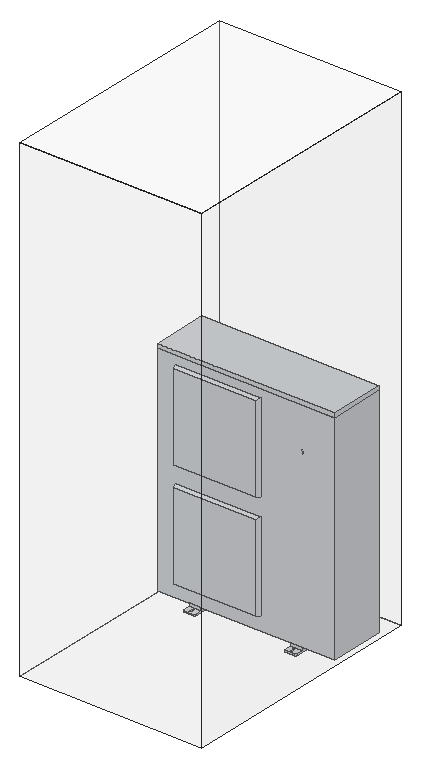
Revit family "pumy-frp80_280hm_60hz", category 機械設備, Revit 2019 (continued)
Definition of nested family "pumy3"
  Dimensions and locks
    aligned and locked: Blend 4 sketch curve to plane 41
    aligned and locked: Blend 4 sketch curve to plane 40
    aligned and locked: Blend 4 sketch curve to plane 46
    aligned and locked: Blend 4 sketch curve to plane 44
    aligned and locked: Blend 4 sketch curve to plane 45
    aligned and locked: Blend 4 sketch curve to plane 47
    aligned and locked: Blend 4 to plane 8
    aligned and locked: plane 37 to Blend 4
    aligned and locked: curve 17 to plane 48
    aligned and locked: curve 1 to plane 48
    aligned and locked: plane 48 to curve 19
    aligned and locked: curve 18 to plane 49
    aligned and locked: plane 49 to curve 2
    aligned and locked: plane 49 to curve 20
    aligned and locked: Blend 5 sketch curve to plane 63
    aligned and locked: Blend 5 sketch curve to plane 64
    aligned and locked: Blend 5 sketch curve to plane 41
    aligned and locked: Blend 5 sketch curve to plane 40
    aligned and locked: plane 44 to Blend 5 sketch curve
    aligned and locked: Blend 5 sketch curve to plane 45
    aligned and locked: Blend 5 sketch curve to plane 65
    aligned and locked: plane 66 to Blend 5 sketch curve
    aligned and locked: Blend 5 to plane 8
    aligned and locked: plane 37 to Blend 5
    aligned and locked: plane 22 to Extrusion 6 sketch curve
    aligned and locked: plane 21 to Extrusion 6 sketch curve
    aligned and locked: Extrusion 6 sketch curve to Extrusion 1  (x4)
    aligned and locked: Extrusion 6 sketch curve to plane 20
    aligned and locked: plane 23 to Extrusion 6
    aligned and locked: Extrusion 6 to level
    aligned and locked: plane 24 to Extrusion 7
    aligned and locked: Extrusion 7 to plane 25
    aligned and locked: Masking region 1 sketch curve to Extrusion 3  (x4)
    aligned and locked: Masking region 1 sketch curve to cut or joined group of Extrusion 1, Extrusion 6  (x8)
    aligned and locked: Masking region 1 sketch curve to Blend 5  (x3)
    aligned and locked: plane 50 to Extrusion 7 sketch curve
    aligned and locked: plane 51 to Extrusion 7 sketch curve
    aligned and locked: plane 68 to Extrusion 7 sketch curve
    aligned and locked: plane 69 to Extrusion 7 sketch curve
    aligned and locked: plane 70 to Extrusion 7 sketch curve
    aligned and locked: plane 71 to Extrusion 7 sketch curve
    aligned and locked: plane 67 to Extrusion 7 sketch curve  (x4)
  Automatic sketch dimensions
    plane 7 to Extrusion 1 sketch curve = 0 mm  (x2)
    Extrusion 1 sketch curve to plane 18 = 0 mm
    plane 8 to Extrusion 1 sketch curve = 0 mm  (x2)
    Extrusion 1 sketch curve to plane 19 = 0 mm
    Extrusion 1 sketch curve to plane 20 = 0 mm
    Extrusion 1 sketch curve to plane 21 = 0 mm
    curve 187 to curve 188 = 40 mm
    curve 186 to curve 190 = 13.333 mm
    curve 190 to curve 190 = 40 mm
    curve 186 to curve 193 = 0 mm
    curve 186 to curve 188 = 40 mm
    curve 188 to curve 191 = 0 mm
    curve 179 to curve 180 = 40 mm
    curve 178 to curve 182 = 120 mm
    curve 182 to curve 182 = 40 mm
    curve 178 to curve 185 = 0 mm
    curve 178 to curve 180 = 40 mm
    curve 182 to curve 183 = 40 mm
    curve 25 to plane 44 = 0 mm
    curve 24 to plane 44 = 0 mm
    curve 22 to plane 44 = 0 mm
    curve 23 to plane 44 = 0 mm
    curve 26 to plane 44 = 0 mm
    curve 21 to plane 44 = 0 mm
    curve 24 to plane 45 = 0 mm
    curve 25 to plane 45 = 0 mm
    curve 26 to plane 45 = 0 mm
    curve 23 to plane 45 = 0 mm
    curve 22 to plane 45 = 0 mm
    curve 21 to plane 45 = 0 mm
    curve 37 to plane 47 = 0 mm
    curve 52 to plane 47 = 0 mm
    curve 51 to plane 47 = 0 mm
    curve 50 to plane 47 = 0 mm
    curve 49 to plane 47 = 0 mm
    curve 48 to plane 47 = 0 mm
    curve 47 to plane 47 = 0 mm
    curve 46 to plane 47 = 0 mm
    curve 45 to plane 47 = 0 mm
    curve 44 to plane 47 = 0 mm
    curve 43 to plane 47 = 0 mm
    curve 42 to plane 47 = 0 mm
    curve 41 to plane 47 = 0 mm
    curve 27 to plane 47 = 0 mm
    curve 28 to plane 47 = 0 mm
    curve 40 to plane 47 = 0 mm
    curve 39 to plane 47 = 0 mm
    curve 29 to plane 47 = 0 mm
    curve 38 to plane 47 = 0 mm
    curve 30 to plane 47 = 0 mm
    curve 53 to plane 47 = 0 mm
    curve 31 to plane 47 = 0 mm
    curve 36 to plane 47 = 0 mm
    curve 32 to plane 47 = 0 mm
    curve 35 to plane 47 = 0 mm
    curve 33 to plane 47 = 0 mm
    curve 34 to plane 47 = 0 mm
    curve 28 to plane 46 = 0 mm
    curve 41 to plane 46 = 0 mm
    curve 27 to plane 46 = 0 mm
    curve 42 to plane 46 = 0 mm
    curve 31 to plane 46 = 0 mm
    curve 40 to plane 46 = 0 mm
    curve 37 to plane 46 = 0 mm
    curve 39 to plane 46 = 0 mm
    curve 32 to plane 46 = 0 mm
    curve 45 to plane 46 = 0 mm
    curve 36 to plane 46 = 0 mm
    curve 46 to plane 46 = 0 mm
    curve 43 to plane 46 = 0 mm
    curve 47 to plane 46 = 0 mm
    curve 29 to plane 46 = 0 mm
    curve 48 to plane 46 = 0 mm
    curve 30 to plane 46 = 0 mm
    curve 49 to plane 46 = 0 mm
    curve 44 to plane 46 = 0 mm
    curve 50 to plane 46 = 0 mm
    curve 33 to plane 46 = 0 mm
    curve 51 to plane 46 = 0 mm
    curve 35 to plane 46 = 0 mm
    curve 52 to plane 46 = 0 mm
    curve 38 to plane 46 = 0 mm
    curve 53 to plane 46 = 0 mm
    curve 34 to plane 46 = 0 mm
    plane 13 to curve 304 = 138 mm
    curve 304 to plane 45 = 0 mm
    curve 307 to plane 44 = 0 mm
    curve 306 to plane 44 = 0 mm
    curve 303 to plane 44 = 0 mm
    curve 308 to plane 44 = 0 mm
    curve 303 to plane 45 = 0 mm
    curve 306 to plane 45 = 0 mm
    curve 307 to plane 45 = 0 mm
    curve 308 to plane 45 = 0 mm
    curve 309 to plane 44 = 0 mm
    curve 309 to plane 45 = 0 mm
    curve 305 to plane 66 = 0 mm
    curve 305 to plane 65 = 0 mm
    curve 310 to plane 66 = 0 mm
    curve 310 to plane 65 = 0 mm
    curve 311 to plane 65 = 0 mm
    curve 311 to plane 66 = 0 mm
    curve 312 to plane 66 = 0 mm
    curve 312 to plane 65 = 0 mm
    curve 313 to plane 66 = 0 mm
    curve 313 to plane 65 = 0 mm
    curve 314 to plane 65 = 0 mm
    curve 314 to plane 66 = 0 mm
    curve 315 to plane 66 = 0 mm
    curve 315 to plane 65 = 0 mm
    curve 316 to plane 65 = 0 mm
    curve 316 to plane 66 = 0 mm
    curve 317 to plane 66 = 0 mm
    curve 317 to plane 65 = 0 mm
    curve 318 to plane 66 = 0 mm
    curve 318 to plane 65 = 0 mm
    curve 319 to plane 66 = 0 mm
    curve 319 to plane 65 = 0 mm
    curve 320 to plane 66 = 0 mm
    curve 320 to plane 65 = 0 mm
    curve 321 to plane 66 = 0 mm
    curve 321 to plane 65 = 0 mm
    curve 322 to plane 65 = 0 mm
    curve 322 to plane 66 = 0 mm
    curve 323 to plane 65 = 0 mm
    curve 323 to plane 66 = 0 mm
    curve 324 to plane 65 = 0 mm
    curve 324 to plane 66 = 0 mm
    curve 325 to plane 66 = 0 mm
    curve 325 to plane 65 = 0 mm
    curve 326 to plane 66 = 0 mm
    curve 326 to plane 65 = 0 mm
    curve 327 to plane 66 = 0 mm
    curve 327 to plane 65 = 0 mm
    curve 328 to plane 66 = 0 mm
    curve 328 to plane 65 = 0 mm
    curve 329 to plane 66 = 0 mm
    curve 329 to plane 65 = 0 mm
    curve 330 to plane 66 = 0 mm
    curve 330 to plane 65 = 0 mm
    curve 331 to plane 66 = 0 mm
    curve 331 to plane 65 = 0 mm
    curve 332 to plane 65 = 0 mm
    curve 332 to plane 66 = 0 mm
    curve 333 to plane 66 = 0 mm
    curve 333 to plane 65 = 0 mm
    curve 334 to plane 65 = 0 mm
    curve 334 to plane 66 = 0 mm
    curve 335 to plane 66 = 0 mm
    curve 335 to plane 65 = 0 mm
    Extrusion 6 sketch curve to plane 18 = 0 mm  (x2)
    plane 8 to Extrusion 6 sketch curve = 0 mm
    plane 22 to Extrusion 6 sketch curve = 0 mm  (x3)
    plane 16 to Extrusion 6 sketch curve = 0 mm  (x3)
    plane 17 to Extrusion 6 sketch curve = 0 mm  (x3)
    Extrusion 6 sketch curve to plane 15 = 0 mm  (x2)
    Extrusion 6 sketch curve to plane 19 = 0 mm  (x2)
    Extrusion 6 sketch curve to plane 14 = 0 mm  (x2)
    plane 7 to Extrusion 6 sketch curve = 0 mm
    Extrusion 6 sketch curve to plane 18 = 5 mm
    plane 15 to Extrusion 6 sketch curve = 6 mm  (x2)
    plane 19 to Extrusion 6 sketch curve = 5 mm
    Extrusion 6 sketch curve to plane 20 = 5 mm
    plane 14 to Extrusion 6 sketch curve = 6 mm  (x2)
    plane 21 to Extrusion 6 sketch curve = 5 mm
    plane 37 to Extrusion 6 sketch curve = 10 mm  (x2)
    plane 19 to Masking region 1 sketch curve = 0 mm
    plane 21 to Masking region 1 sketch curve = 0 mm
    plane 7 to Masking region 1 sketch curve = 0 mm  (x2)
    Masking region 1 sketch curve to plane 20 = 0 mm
    Masking region 1 sketch curve to plane 18 = 0 mm
    plane 8 to Masking region 1 sketch curve = 0 mm  (x2)
    plane 37 to Masking region 1 sketch curve = 0 mm
    curve 352 to plane 6 = 0 mm
    plane 7 to curve 352 = 0 mm
    curve 353 to plane 18 = 0 mm
    curve 348 to plane 18 = 0 mm
    plane 8 to curve 346 = 0 mm
    curve 354 to plane 19 = 0 mm
    curve 347 to plane 19 = 0 mm
    curve 345 to plane 40 = 0 mm
    plane 37 to curve 344 = 0 mm
    curve 344 to plane 45 = 0 mm
    curve 357 to plane 20 = 0 mm
    curve 343 to plane 20 = 0 mm
    curve 358 to plane 21 = 0 mm
    curve 341 to plane 21 = 0 mm
    curve 339 to plane 44 = 0 mm
    curve 339 to plane 41 = 0 mm
    curve 337 to plane 5 = 0 mm
    plane 22 to curve 354 = 0 mm
    plane 22 to curve 358 = 0 mm
    plane 18 to curve 352 = 28.157 mm
    plane 15 to curve 346 = 0.043 mm
    plane 21 to curve 338 = 11.963 mm
    curve 336 to plane 21 = 9.073 mm
    curve 344 to plane 21 = 22.105 mm
    plane 27 to curve 3 = 5 mm
    curve 3 to plane 44 = 38 mm
    curve 1 to plane 44 = 38 mm
    curve 3 to curve 5 = 0 mm
    curve 4 to plane 28 = 5 mm
    curve 2 to curve 16 = 15 mm
    plane 50 to curve 15 = 5 mm
    curve 341 to curve 342 = 23 mm
    plane 37 to curve 347 = 23 mm
    plane 37 to Extrusion 6 sketch curve = 18 mm  (x2)
    curve 20 to curve 14 = 17.5 mm
    curve 20 to plane 6 = 46 mm
    curve 12 to curve 6 = 0 mm
    curve 372 to curve 5 = 0 mm
    curve 11 to plane 6 = 78.5 mm
Definition of nested family "固定点"
  Parameters (values of type "固定点")
    中心円 = if(W > 599 mm, 12 mm, 10 mm)  # 12 mm
    W = 1000 mm
    D = 1000 mm
  Reference planes
    plane 1 "中心(正面/背面)": y = 0
    plane 2: z = 0
    plane 3 "中心(左/右)": x = 0
    plane 4: x = 1000
    plane 5: y = 1000
  Lines and regions (mm)
    symbolic lines, detail levels fine
      curve 1: circle (0, 1000, 0) r 6 normal (0, 0, 1)
      curve 2: circle (0, 0, 0) r 6 normal (0, 0, 1)
      curve 3: circle (1000, 1000, 0) r 6 normal (0, 0, 1)
      curve 4: circle (1000, 0, 0) r 6 normal (0, 0, 1)
      curve 5: line (-200, 1000, 0) -> (1200, 1000, 0)
      curve 6: line (-200, 0, 0) -> (1200, 0, 0)
      curve 7: line (0, 1200, 0) -> (0, -200, 0)
      curve 8: line (1000, 1200, 0) -> (1000, -200, 0)
  Dimensions and locks
    "W": plane 3 "中心(左/右)" to plane 4
    "D": plane 1 "中心(正面/背面)" to plane 5
    "中心円": diameter of curve 1
    "中心円": diameter of curve 2
    "中心円": diameter of curve 3
    "中心円": diameter of curve 4
    aligned and locked: level to plane 2
    aligned and locked: plane 5 to curve 1
    aligned and locked: plane 3 "中心(左/右)" to curve 1
    aligned and locked: plane 3 "中心(左/右)" to curve 2
    aligned and locked: plane 1 "中心(正面/背面)" to curve 2
    aligned and locked: plane 4 to curve 3
    aligned and locked: plane 5 to curve 3
    aligned and locked: plane 1 "中心(正面/背面)" to curve 4
    aligned and locked: plane 4 to curve 4
    aligned and locked: plane 1 "中心(正面/背面)" to curve 6
    aligned and locked: curve 7 to plane 3 "中心(左/右)"
    aligned and locked: curve 8 to plane 4
  Automatic sketch dimensions
    curve 5 to plane 5 = 0 mm
    curve 6 to plane 3 "中心(左/右)" = 200 mm
    curve 5 to plane 3 "中心(左/右)" = 200 mm
    curve 4 to curve 6 = 200 mm
    curve 3 to curve 5 = 200 mm
    plane 1 "中心(正面/背面)" to curve 8 = 200 mm
    plane 1 "中心(正面/背面)" to curve 7 = 200 mm
    curve 3 to curve 8 = 200 mm
    curve 1 to curve 7 = 200 mm
Types (27, lengths in mm): name | 運転音_冷房  db | 音響パワーレベル(dB) | 電源位置Z | 電動機出力_送風機 | 電動機出力_圧縮機 | 運転音_暖房  db | 質量 | 製品質量 | 相 | 消費電力_暖房 | 消費電力_冷房 | 消費電力 | 構成品番 | 極数 | 最小電線太さ_mm2 | 最大電流値 | 暖房能力 | 推奨ブレーカー容量 | 冷媒管（液）位置Z | 冷媒管位置Z_上面 | 冷媒管（ガス）位置Z | 冷媒ガス管_半径 | 冷房能力 | 冷媒管径符号 | 冷媒管位置Z | 冷媒ガス管径 | COP_暖房 | COP_冷房 | COP
  室外機_PUMY-FRP112HM | 70 | 70 | 1062 | 0.12 kW | 2.35 kW | 70 | 146.40 kg | 122.00 kg | 3 | 2.81 kW | 2.42 kW | 2.81 kW | "PUMY-FRP112HM" | 3 | 3.5 | 17.5 A | 11.2 kW | 30 A | 485 | 565 | 420 | 7.94 | 10 kW | "Bd" | 420 | 15.88 | 3.98 | 4.13 | 4.055
  室外機_PUMY-FRP140HM | 73 | 73 | 1062 | 0.12 kW | 3.05 kW | 73 | 146.40 kg | 122.00 kg | 3 | 3.66 kW | 3.34 kW | 3.66 kW | "PUMY-FRP140HM" | 3 | 5.5 | 24.5 A | 14 kW | 30 A | 485 | 565 | 420 | 7.94 | 12.5 kW | "Bd" | 420 | 15.88 | 3.82 | 3.74 | 3.78
  室外機_PUMY-FRP160HM | 74 | 74 | 1062 | 0.12 kW | 3.52 kW | 74 | 146.40 kg | 122.00 kg | 3 | 4.07 kW | 3.57 kW | 4.07 kW | "PUMY-FRP160HM" | 3 | 5.5 | 25 A | 16 kW | 30 A | 485 | 565 | 420 | 7.94 | 14 kW | "Bd" | 422 | 15.88 | 3.93 | 3.92 | 3.925
  室外機_PUMY-FRP224HM | 80 | 80 | 1051 | 0.3 kW | 4.39 kW | 80 | 166.80 kg | 139.00 kg | 3 | 4.93 kW | 5.64 kW | 5.64 kW | "PUMY-FRP224HM" | 3 | 8 | 36 A | 22.4 kW | 40 A | 450 | 530 | 293 | 12.7 | 20 kW | "Bg" | 293 | 25.40 | 4.54 | 3.54 | 4.04
  室外機_PUMY-FRP80SHM | 70 | 70 | 985 | 0.12 kW | 1.7 kW | 70 | 147.60 kg | 123.00 kg | 1 | 1.68 kW | 1.48 kW | 1.68 kW | "PUMY-FRP80SHM" | 1 | 5.5 | 27.5 A | 8 kW | 30 A | 485 | 565 | 420 | 7.94 | 7.1 kW | "Bd" | 420 | 15.88 | 4.76 | 4.79 | 4.775
  室外機_PUMY-FRP80HM | 70 | 70 | 1062 | 0.12 kW | 1.7 kW | 70 | 146.40 kg | 122.00 kg | 3 | 1.66 kW | 1.47 kW | 1.66 kW | "PUMY-FRP80HM" | 3 | 3.5 | 17.5 A | 8 kW | 30 A | 485 | 565 | 420 | 7.94 | 7.1 kW | "Bd" | 420 | 15.88 | 4.81 | 4.82 | 4.815
  室外機_PUMY-FRP280HM | 82 | 82 | 1051 | 0.4 kW | 6.19 kW | 82 | 166.80 kg | 139.00 kg | 3 | 7.18 kW | 9.45 kW | 9.45 kW | "PUMY-FRP280HM" | 3 | 14 | 39 A | 28 kW | 50 A | 450 | 530 | 293 | 12.7 | 25 kW | "Bg" | 293 | 25.40 | 3.89 | 2.64 | 3.265
  室外機_PUMY-FRP112SHM | 70 | 70 | 985 | 0.12 kW | 2.35 kW | 70 | 147.60 kg | 123.00 kg | 1 | 2.87 kW | 2.47 kW | 2.87 kW | "PUMY-FRP112SHM" | 1 | 5.5 | 27.5 A | 11.2 kW | 30 A | 485 | 565 | 420 | 7.94 | 10 kW | "Bd" | 420 | 15.88 | 3.9 | 4.04 | 3.97
  室外機_PUMY-FRP140SHM-BS | 73 | 73 | 985 | 0.12 kW | 3.05 kW | 73 | 147.60 kg | 123.00 kg | 1 | 3.8 kW | 3.47 kW | 3.8 kW | "PUMY-FRP140SHM-BS" | 1 | 5.5 | 28.5 A | 14 kW | 30 A | 485 | 565 | 420 | 7.94 | 12.5 kW | "Bd" | 420 | 15.88 | 3.68 | 3.6 | 3.64
  室外機_PUMY-FRP280HM-BS | 82 | 82 | 1051 | 0.4 kW | 6.19 kW | 82 | 166.80 kg | 139.00 kg | 3 | 7.18 kW | 9.45 kW | 9.45 kW | "PUMY-FRP280HM-BS" | 3 | 14 | 39 A | 28 kW | 50 A | 450 | 530 | 293 | 12.7 | 25 kW | "Bg" | 293 | 25.40 | 3.89 | 2.64 | 3.265
  室外機_PUMY-FRP280HM-BSG | 82 | 82 | 1051 | 0.4 kW | 6.19 kW | 82 | 166.80 kg | 139.00 kg | 3 | 7.18 kW | 9.45 kW | 9.45 kW | "PUMY-FRP280HM-BSG" | 3 | 14 | 39 A | 28 kW | 50 A | 450 | 530 | 293 | 12.7 | 25 kW | "Bg" | 293 | 25.40 | 3.89 | 2.64 | 3.265
  室外機_PUMY-FRP80HM-BS | 70 | 70 | 1062 | 0.12 kW | 1.7 kW | 70 | 146.40 kg | 122.00 kg | 3 | 1.66 kW | 1.47 kW | 1.66 kW | "PUMY-FRP80HM-BS" | 3 | 3.5 | 17.5 A | 8 kW | 30 A | 485 | 565 | 420 | 7.94 | 7.1 kW | "Bd" | 420 | 15.88 | 4.81 | 4.82 | 4.815
  室外機_PUMY-FRP80HM-BSG | 70 | 70 | 1062 | 0.12 kW | 1.7 kW | 70 | 146.40 kg | 122.00 kg | 3 | 1.66 kW | 1.47 kW | 1.66 kW | "PUMY-FRP80HM-BSG" | 3 | 3.5 | 17.5 A | 8 kW | 30 A | 485 | 565 | 420 | 7.94 | 7.1 kW | "Bd" | 420 | 15.88 | 4.81 | 4.82 | 4.815
  室外機_PUMY-FRP80SHM-BS | 70 | 70 | 985 | 0.12 kW | 1.7 kW | 70 | 147.60 kg | 123.00 kg | 1 | 1.68 kW | 1.48 kW | 1.68 kW | "PUMY-FRP80SHM-BS" | 1 | 5.5 | 27.5 A | 8 kW | 30 A | 485 | 565 | 420 | 7.94 | 7.1 kW | "Bd" | 420 | 15.88 | 4.76 | 4.79 | 4.775
  室外機_PUMY-FRP80SHM-BSG | 70 | 70 | 985 | 0.12 kW | 1.7 kW | 70 | 147.60 kg | 123.00 kg | 1 | 1.68 kW | 1.48 kW | 1.68 kW | "PUMY-FRP80SHM-BSG" | 1 | 5.5 | 27.5 A | 8 kW | 30 A | 485 | 565 | 420 | 7.94 | 7.1 kW | "Bd" | 420 | 15.88 | 4.76 | 4.79 | 4.775
  室外機_PUMY-FRP112HM-BS | 70 | 70 | 1062 | 0.12 kW | 2.35 kW | 70 | 146.40 kg | 122.00 kg | 3 | 2.81 kW | 2.42 kW | 2.81 kW | "PUMY-FRP112HM-BS" | 3 | 3.5 | 17.5 A | 11.2 kW | 30 A | 485 | 565 | 420 | 7.94 | 10 kW | "Bd" | 420 | 15.88 | 3.98 | 4.13 | 4.055
  室外機_PUMY-FRP112HM-BSG | 70 | 70 | 1062 | 0.12 kW | 2.35 kW | 70 | 146.40 kg | 122.00 kg | 3 | 2.81 kW | 2.42 kW | 2.81 kW | "PUMY-FRP112HM-BSG" | 3 | 3.5 | 17.5 A | 11.2 kW | 30 A | 485 | 565 | 420 | 7.94 | 10 kW | "Bd" | 420 | 15.88 | 3.98 | 4.13 | 4.055
  室外機_PUMY-FRP112SHM-BS | 70 | 70 | 985 | 0.12 kW | 2.35 kW | 70 | 147.60 kg | 123.00 kg | 1 | 2.87 kW | 2.47 kW | 2.87 kW | "PUMY-FRP112SHM-BS" | 1 | 5.5 | 27.5 A | 11.2 kW | 30 A | 485 | 565 | 420 | 7.94 | 10 kW | "Bd" | 420 | 15.88 | 3.9 | 4.04 | 3.97
  室外機_PUMY-FRP112SHM-BSG | 70 | 70 | 985 | 0.12 kW | 2.35 kW | 70 | 147.60 kg | 123.00 kg | 1 | 2.87 kW | 2.47 kW | 2.87 kW | "PUMY-FRP112SHM-BSG" | 1 | 5.5 | 27.5 A | 11.2 kW | 30 A | 485 | 565 | 420 | 7.94 | 10 kW | "Bd" | 420 | 15.88 | 3.9 | 4.04 | 3.97
  室外機_PUMY-FRP140HM-BS | 73 | 73 | 1062 | 0.12 kW | 3.05 kW | 73 | 146.40 kg | 122.00 kg | 3 | 3.66 kW | 3.34 kW | 3.66 kW | "PUMY-FRP140HM-BS" | 3 | 5.5 | 24.5 A | 14 kW | 30 A | 485 | 565 | 420 | 7.94 | 12.5 kW | "Bd" | 420 | 15.88 | 3.82 | 3.74 | 3.78
  室外機_PUMY-FRP140HM-BSG | 73 | 73 | 1062 | 0.12 kW | 3.05 kW | 73 | 146.40 kg | 122.00 kg | 3 | 3.66 kW | 3.34 kW | 3.66 kW | "PUMY-FRP140HM-BSG" | 3 | 5.5 | 24.5 A | 14 kW | 30 A | 485 | 565 | 420 | 7.94 | 12.5 kW | "Bd" | 420 | 15.88 | 3.82 | 3.74 | 3.78
  室外機_PUMY-FRP140SHM-BSG | 73 | 73 | 985 | 0.12 kW | 3.05 kW | 73 | 147.60 kg | 123.00 kg | 1 | 3.8 kW | 3.47 kW | 3.8 kW | "PUMY-FRP140SHM-BSG" | 1 | 5.5 | 28.5 A | 14 kW | 30 A | 485 | 565 | 420 | 7.94 | 12.5 kW | "Bd" | 420 | 15.88 | 3.68 | 3.6 | 3.64
  室外機_PUMY-FRP160HM-BS | 74 | 74 | 1062 | 0.12 kW | 3.52 kW | 74 | 146.40 kg | 122.00 kg | 3 | 4.07 kW | 3.57 kW | 4.07 kW | "PUMY-FRP160HM-BS" | 3 | 5.5 | 25 A | 16 kW | 30 A | 485 | 565 | 420 | 7.94 | 14 kW | "Bd" | 422 | 15.88 | 3.93 | 3.92 | 3.925
  室外機_PUMY-FRP160HM-BSG | 74 | 74 | 1062 | 0.12 kW | 3.52 kW | 74 | 146.40 kg | 122.00 kg | 3 | 4.07 kW | 3.57 kW | 4.07 kW | "PUMY-FRP160HM-BSG" | 3 | 5.5 | 25 A | 16 kW | 30 A | 485 | 565 | 420 | 7.94 | 14 kW | "Bd" | 422 | 15.88 | 3.93 | 3.92 | 3.925
  室外機_PUMY-FRP224HM-BS | 80 | 80 | 1051 | 0.3 kW | 4.39 kW | 80 | 166.80 kg | 139.00 kg | 3 | 4.93 kW | 5.64 kW | 5.64 kW | "PUMY-FRP224HM-BS" | 3 | 8 | 36 A | 22.4 kW | 40 A | 450 | 530 | 293 | 12.7 | 20 kW | "Bg" | 293 | 25.40 | 4.54 | 3.54 | 4.04
  室外機_PUMY-FRP224HM-BSG | 80 | 80 | 1051 | 0.3 kW | 4.39 kW | 80 | 166.80 kg | 139.00 kg | 3 | 4.93 kW | 5.64 kW | 5.64 kW | "PUMY-FRP224HM-BSG" | 3 | 8 | 36 A | 22.4 kW | 40 A | 450 | 530 | 293 | 12.7 | 20 kW | "Bg" | 293 | 25.40 | 4.54 | 3.54 | 4.04
  室外機_PUMY-FRP140SHM | 73 | 73 | 985 | 0.12 kW | 3.05 kW | 73 | 147.60 kg | 123.00 kg | 1 | 3.8 kW | 3.47 kW | 3.8 kW | "PUMY-FRP140SHM" | 1 | 5.5 | 28.5 A | 14 kW | 30 A | 485 | 565 | 420 | 7.94 | 12.5 kW | "Bd" | 420 | 15.88 | 3.68 | 3.6 | 3.64
